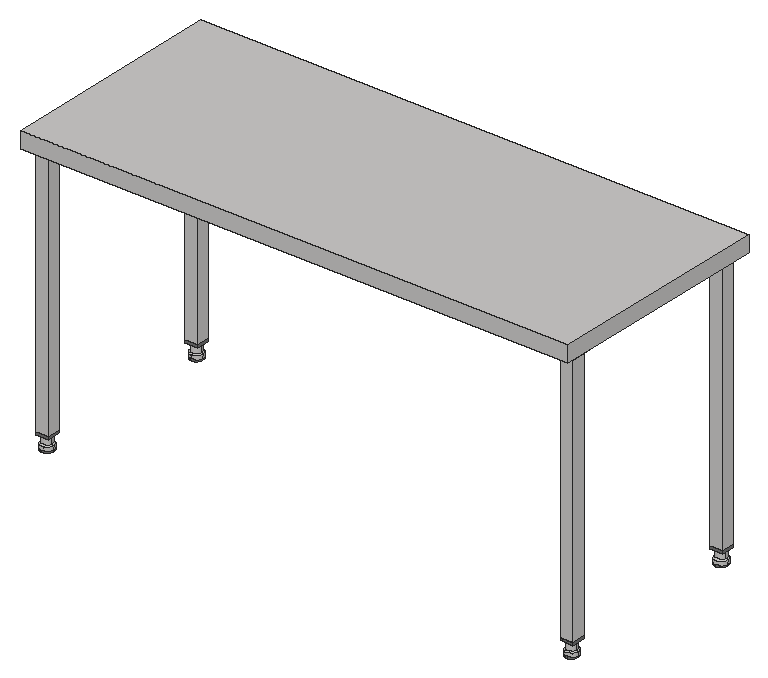
Revit family "QF_ELECTROLUXPROFESSIONAL_133222_TG1700N", category Attrezzature speciali, Revit 2020
Family settings
  Quota connettore circolare = Usa diametro
  Tipo di parte = Normale
  Basato su piano di lavoro = No
  Sempre verticale = Sì
  Taglio con vuoti quando caricato = No
  Condiviso = No
  Punto di calcolo locali = No
Parameters (values of type "Standard")
  Weight = 52.00 kg
  Watts = 0 W
  Volts = 0 V
  URL Manufacturer = "https://www.electroluxprofessional.com/"
  URL = "https://www.electroluxprofessional.com/"
  Steam Supply Size = 0 mm
  Steam Supply Minimum Pressure = 0.0 Pa
  Steam Supply Maximum Pressure = 0.0 Pa
  Steam Consumption per Hour = 0
  Refrigeration Suction Line Size = 0.0 mm
  Refrigeration Liquid Line Size = 0.0 mm
  Refrigerant Compressor Remote = yes
  Prospetto di default = 0.0 mm
  Produttore = "Electrolux Professional"
  Phase = 0
  Modello = "TG1700N"
  Length Actual = 1700.0 mm  # constant formula
  Item Number = "133222"
  Hot Water Size = 0 mm
  Height Actual = 900.0 mm  # constant formula
  HP = "0 HP"
  Gas Size = 0 mm
  Gas KW = 0
  Gas Input Pressure = 0 W
  Direct Waste Size = 0 mm
  Descrizione = "WORK TABLE 1700 MM"
  Depth Actual = 700.0 mm  # constant formula
  Cycle = 0 Hz
  Condensate Return Size = 0 mm
  Compressed Air Volume = 0.0 L/s
  Compressed Air Size = 0 mm
  Compressed Air Pressure = 0.0 Pa
  Cold Water Size = 0 mm
  Accessory = yes
Reference planes
  plane 1 "Center (Front/Back)": y = 0
  plane 2: z = 0
  plane 3 "Center (Left/Right)": x = -350
  plane 4 "LEFT": x = -1200
  plane 5 "RIGHT": x = 500
  plane 6 "BACK": y = 350
  plane 7 "FRONT": y = -350
  plane 8 "Base": z = 850
  plane 9 "TOP": z = 900
  plane 10: x = -1164.5
  plane 11: x = 464.5
  plane 12: y = 290
  plane 13: y = -290
Forms (mm)
  Extrusion 1, solid, material "QF_Finishes_Stainless Steel"
    sketch origin (-350, 0, 0) x (0, 1, 0) y (0, 0, 1)
      loop
        line (-350, 850) -> (350, 850) -> (350, 900) -> (-350, 900) -> (-350, 850)
    from 850 to -850
Lines and regions (mm)
  symbolic lines
    curve 1: line (500, 350, 900) -> (-1200, 350, 900)
    curve 2: line (-1200, 350, 900) -> (-1200, -350, 900)
    curve 3: line (-1200, -350, 900) -> (500, -350, 900)
    curve 4: line (500, -350, 900) -> (500, 350, 900)
Dimensions and locks
  plane 4 "LEFT" to plane 5 "RIGHT" = 1700.0 mm
  equal spacing: plane 4 "LEFT", plane 3 "Center (Left/Right)", plane 5 "RIGHT"
  plane 4 "LEFT" to plane 10 = 35.5 mm
  plane 11 to plane 5 "RIGHT" = 35.5 mm
  plane 10 to plane 11 = 1629.0 mm
  locked: plane 9 "TOP" to level at 900
  plane 6 "BACK" to plane 12 = 60.0 mm
  plane 13 to plane 7 "FRONT" = 60.0 mm
  plane 6 "BACK" to plane 7 "FRONT" = 700.0 mm
  plane 12 to plane 13 = 580.0 mm
  equal spacing: plane 6 "BACK", plane 1 "Center (Front/Back)", plane 7 "FRONT"
  locked: plane 8 "Base" to level at 850
  aligned and locked: level to plane 2
  aligned and locked: plane 10 to nested 1
  aligned and locked: nested 1 to plane 13
  aligned and locked: plane 11 to nested 2
  aligned and locked: nested 2 to plane 13
  aligned and locked: plane 11 to nested 4
  aligned and locked: nested 4 to plane 12
  aligned and locked: plane 10 to nested 3
  aligned and locked: nested 3 to plane 12
  aligned and locked: Extrusion 1 to plane 4 "LEFT"
  aligned and locked: plane 5 "RIGHT" to Extrusion 1
  aligned and locked: curve 2 to plane 4 "LEFT"
Automatic sketch dimensions
  Extrusion 1 sketch curve to plane 7 "FRONT" = 0.0 mm
  Extrusion 1 sketch curve to plane 8 "Base" = 0.0 mm
  curve 3 to plane 7 "FRONT" = 0.0 mm
  curve 4 to plane 6 "BACK" = 0.0 mm
  Extrusion 1 sketch curve to plane 9 "TOP" = 0.0 mm
  Extrusion 1 sketch curve to plane 6 "BACK" = 0.0 mm
  curve 4 to plane 5 "RIGHT" = 0.0 mm
Nested families
  nested 1: "FEET_40x40_APP42" at (-1164.5, -290, 0), type "FEET_40x40_APP42"
  nested 2: "FEET_40x40_APP42" at (464.5, -290, 0), type "FEET_40x40_APP42"
  nested 3: "FEET_40x40_APP42" at (-1164.5, 290, 0), type "FEET_40x40_APP42"
  nested 4: "FEET_40x40_APP42" at (464.5, 290, 0), type "FEET_40x40_APP42"
Definition of nested family "FEET_40x40_APP42"
  Parameters
    Default Elevation = 0.0 mm
    FEET = 850.0 mm
  Reference planes
    plane 1 "Center (Front/Back)": y = 0
    plane 2: z = 0
    plane 3 "Center (Left/Right)": x = 0
    plane 4: z = 850
  Forms (mm)
    Extrusion 1, solid
      sketch origin (0, 0, 0) x (1, 0, 0) y (0, 1, 0)
        loop
          line (-20, -20) -> (20, -20) -> (20, 20) -> (-20, 20) -> (-20, -20)
      from 50 to 845
    Extrusion 2, solid
      sketch origin (0, 0, 0) x (1, 0, 0) y (0, 1, 0)
        loop
          circle (0, 0) r 20
      from 0 to 5
    Extrusion 3, solid
      sketch origin (0, 0, 0) x (1, 0, 0) y (0, 1, 0)
        loop
          line (30, 30) -> (-30, 30) -> (-30, -30) -> (30, -30) -> (30, 30)
      from 845 to 850
    Extrusion 4, solid
      sketch origin (0, 0, 0) x (1, 0, 0) y (0, 1, 0)
        loop
          line (-20, -20) -> (20, -20) -> (20, 20) -> (-20, 20) -> (-20, -20)
      from 50 to 42
    Revolve 5, solid
      sketch origin (0, 0, 0) x (1, 0, 0) y (0, 0, 1)
        loop
          line (0, 42) -> (-15, 42) -> (-15, 20) -> (-20, 15) -> (-20, 5) -> (0, 5) -> (0, 42)
        axis (0, 42) -> (0, 5)
      angle from 0 to 360
  Lines and regions (mm)
    symbolic lines
      curve 1: line (0, -1.503, 0) -> (0, 1.508, 0)
      curve 2: line (1.561, 0, 0) -> (-1.439, 0, 0)
  Dimensions and locks
    "FEET": plane 4 to plane 2
    aligned and locked: level to plane 2
  Automatic sketch dimensions
    plane 1 "Center (Front/Back)" to curve 2 = 0.0 mm
    curve 1 to plane 3 "Center (Left/Right)" = 0.0 mm
    curve 2 to plane 3 "Center (Left/Right)" = 1.439 mm
    plane 3 "Center (Left/Right)" to curve 2 = 1.561 mm
    plane 1 "Center (Front/Back)" to curve 1 = 1.503 mm
    curve 1 to plane 1 "Center (Front/Back)" = 1.508 mm
    Extrusion 1 sketch curve to plane 3 "Center (Left/Right)" = 20.0 mm
    plane 3 "Center (Left/Right)" to Extrusion 1 sketch curve = 20.0 mm
    plane 1 "Center (Front/Back)" to Extrusion 1 sketch curve = 20.0 mm
    Extrusion 1 sketch curve to plane 1 "Center (Front/Back)" = 20.0 mm
    plane 1 "Center (Front/Back)" to Extrusion 2 sketch curve = 0.0 mm
    Extrusion 2 sketch curve to plane 3 "Center (Left/Right)" = 0.0 mm
    Extrusion 3 sketch curve to plane 3 "Center (Left/Right)" = 30.0 mm
    plane 3 "Center (Left/Right)" to Extrusion 3 sketch curve = 30.0 mm
    plane 1 "Center (Front/Back)" to Extrusion 3 sketch curve = 30.0 mm
    Extrusion 3 sketch curve to plane 1 "Center (Front/Back)" = 30.0 mm
    Extrusion 4 sketch curve to plane 3 "Center (Left/Right)" = 20.0 mm
    plane 3 "Center (Left/Right)" to Extrusion 4 sketch curve = 20.0 mm
    plane 1 "Center (Front/Back)" to Extrusion 4 sketch curve = 20.0 mm
    Extrusion 4 sketch curve to plane 1 "Center (Front/Back)" = 20.0 mm
    Revolve 5 sketch curve to plane 3 "Center (Left/Right)" = 0.0 mm  (x2)
    Revolve 5 sketch curve to plane 3 "Center (Left/Right)" = 15.0 mm
    Revolve 5 sketch curve to Revolve 5 sketch curve = 5.0 mm  (x3)
    level to Revolve 5 sketch curve = 5.0 mm
    Revolve 5 sketch curve to Revolve 5 sketch curve = 10.0 mm
    Revolve 5 sketch curve to Revolve 5 sketch curve = 22.0 mm
    Revolve 5 sketch curve to level = 9.561 mm
    radius of Extrusion 2 sketch curve = 20.0 mm
